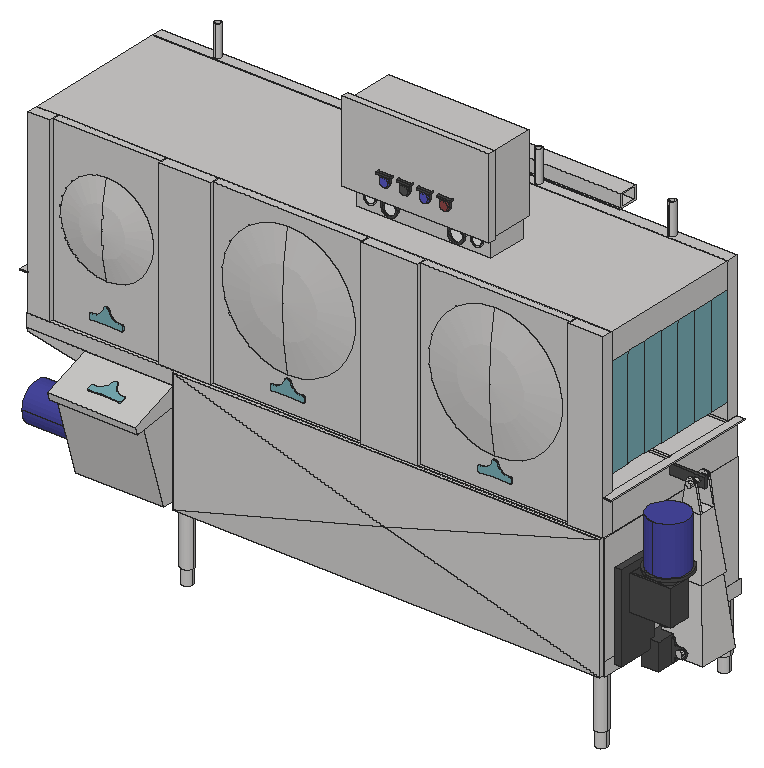
Revit family (continued)
Definition of nested family "QF_Stero_ER-86S_L-R_E_EX"
  Parameters (values of type "Nested")
    Exhaust RI Height [instance] = 0' - 0"
    Description = ""
    Assembly Code = ""
  Reference planes (in)
    plane 1 "Center (Back)": y = 0
    plane 2: z = 0
    plane 3 "Center (Left)": x = 0
    plane 4: x = 16
    plane 5: y = -4
  Lines and regions (in)
    symbolic lines, style "QF_Multiple Utilities"
      curve 1: line (0, 0, 0) -> (16, 0, 0)
      curve 2: line (0, -4, 0) -> (0, 0, 0)
      curve 3: line (16, -4, 0) -> (0, -4, 0)
      curve 4: line (16, 0, 0) -> (16, -4, 0)
      curve 5: line (16, 0, 0) -> (0, -4, 0)
      curve 6: line (0, 0, 0) -> (16, -4, 0)
  Dimensions and locks (in)
    "Exhaust Vent Width": plane 3 "Center (Left)" to plane 4
    "Exhaust Vent Depth": plane 1 "Center (Back)" to plane 5
    aligned and locked: level to plane 2
    aligned and locked: plane 1 "Center (Back)" to curve 1
    aligned and locked: plane 3 "Center (Left)" to curve 2
    aligned and locked: curve 3 to plane 5
    aligned and locked: curve 4 to plane 4
Definition of nested family "QF_Stero_ER-86S_L-R_E_HW2"
  Parameters (values of type "Nested")
    Watermarked By = "http://revitwatermark.com"
    Type Comments = "⍁⍉⌁⌀⏭⎽⌇⍠⌜⍉⎖⌥⌦⌯⍭⏊⍻⍿⍊⏵⍊⏗⏠⍴⎡⌈⎀⍠⌓⌤⏘⎐⍀⌐⏬⏁⎈⏍⏦⎒⏬⌝⍩⍇⌣〈⎫〉⎁⏊⍥⍖⍥⍝⍦⌖⍀⏌⏭⎝⎼⏷⏞⍻⏯⎽⏷⏞⍻⏯⎽⏷⎺⌻⎝⍎⌧⏷⏟⏿⌿⍜⍦⍤⌁⍬⏶⏎⍊⏚⏉⎞⌡⎀⎪⏈⌟⌿⍾⍼⌟⌿⌢⏮⏝⏝⏛⎽⎻⎷⎳⎻⎗⌾⍼⎴⏿⏰⏑⏮⍮⍺⏼⏅⎏⌽⌻⍽⎝⍮⎧⎯⏛⎼⎮⍾⏬⏇⏎⏳⏦⏠⎧⎳⍷⏿⌏"
    Plumbing Remarks [instance] = ""
    Item Number [instance] = "-"
    Hot Water Temperature [instance] = 0 °F
    Hot Water Size [instance] = 1/4"
    Hot Water RI Height [instance] = 0' - 0"
    Hot Water Minimum Pressure [instance] = 0.00 psi
    Hot Water Maximum Pressure [instance] = 0.00 psi
    Hot Water Flow [instance] = 0.00 GPM
    Hot Water Consumption [instance] = 0.00 GPM
    Hot Water Connection Height [instance] = 0' - 0"
    Description = ""
    Hot Water Size Radius [instance] = Hot Water Size / 2  # 1/8"
    Assembly Code = ""
  Reference planes (in)
    plane 1 "Center (Back)": y = 0
    plane 2: z = 0
    plane 3 "Center (Left)": x = 0
  Lines and regions (in)
    symbolic lines, style "QF_Multiple Utilities"
      curve 1: circle (0, 0, 0) r 0.125 normal (0, 0, 1)
  Dimensions and locks (in)
    "Hot Water Size Radius": radius of curve 1
    aligned and locked: level to plane 2
  Automatic sketch dimensions
    plane 1 "Center (Back)" to curve 1 = 0' - 0"
    curve 1 to plane 3 "Center (Left)" = 0' - 0"
Types (3): name | Watermarked By | Volts | FL Amps | Exhaust Vent Text | Apparent Power
  (no name) | "" | 208 V | 87.4 A | "Vent, Load End" | 31450 VA
  208/60/3 | "http://revitwatermark.com" | 208 V | 87.4 A | "Vent, Load End" | 31450 VA
  480/60/3 | "" | 480 V | 39.6 A | "" | 32883.8 VA
